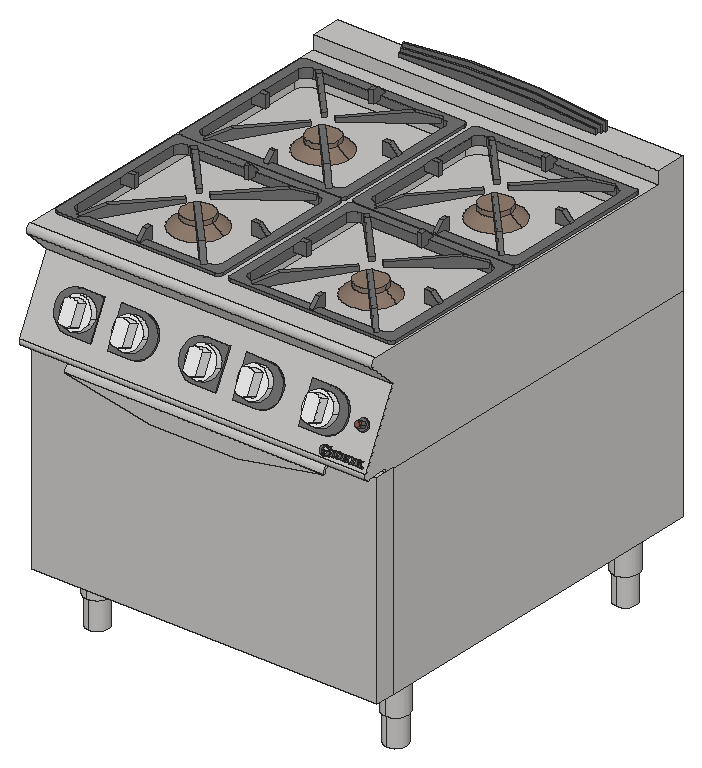
Revit family "QF_GIORIK_CG940F", category Specialty Equipment, Revit 2014
Parameters (values of type "CG940F")
  Weight in Pounds = 374.7854
  URL Cutsheet = "www.giorik.com"
  URL = "www.giorik.com"
  Status [instance] = ""
  Specification by User [instance] = ""
  Specification by Manufacturer = ""
  Show Logo [instance] = yes
  Show Clearance [instance] = yes
  Serial Number = ""
  Seismic Rating = ""
  SMACNA No = ""
  Revision Code [instance] = ""
  NAFEM Spec ID Number = ""
  Model = "CG940F"
  Mechanical Remarks [instance] = "Natural Gas"
  Mechanical Connection Type [instance] = ""
  Masterspec = ""
  Manufacturer = "GIORIK"
  Item Number [instance] = ""
  Installed By [instance] = ""
  Identify Quantity as Lot [instance] = no
  Gas Size = 1"
  Gas RI Height [instance] = 0 mm
  Gas KW = 40
  Gas Input = 40000 W
  Gas Connection Height [instance] = 150 mm
  Furnished By [instance] = ""
  Foodservice Equipment Identifier [instance] = yes
  Description = "4 BURNER GAS RANGE ON GAS OVEN"
  CSI MasterFormat = ""
  Assembly Code = "E1090320"
Reference planes
  plane 1 "Back": y = 0
  plane 2: z = 0
  plane 3 "Left": x = 0
  plane 4 "Right": x = 800
  plane 5 "Front": y = -920
  plane 6 "Top": z = 899.988
Forms (mm)
  Extrusion 1, solid
    sketch origin (-16, 358.115, 0) x (1, 0, 0) y (0, 1, 0)
      loop
        line (25, -1086.81) -> (25, -1156.81) -> (115, -1156.81) -> (115, -1086.81) -> (25, -1086.81)
    from 148 to 150
  Revolve 2, solid
    sketch origin (54, 358.115, 0) x (0, 1, 0) y (0, 0, 1)
      loop
        line (-1092.56, 66) -> (-1092.56, 148) -> (-1121.81, 148) -> (-1121.81, 0) -> (-1096.81, 0) -> (-1096.81, 66) -> (-1092.56, 66)
      axis (-1121.81, 0) -> (-1121.81, 148)
    angle from 0 to 360
  Extrusion 3, solid
    sketch origin (-16, 1023.115, 0) x (1, 0, 0) y (0, 1, 0)
      loop
        line (25, -1086.81) -> (25, -1156.81) -> (115, -1156.81) -> (115, -1086.81) -> (25, -1086.81)
    from 148 to 150
  Revolve 4, solid
    sketch origin (54, 1023.115, 0) x (0, 1, 0) y (0, 0, 1)
      loop
        line (-1092.56, 66) -> (-1092.56, 148) -> (-1121.81, 148) -> (-1121.81, 0) -> (-1096.81, 0) -> (-1096.81, 66) -> (-1092.56, 66)
      axis (-1121.81, 0) -> (-1121.81, 148)
    angle from 0 to 360
  Extrusion 5, void
    sketch origin (0, -2.695, 899.988) x (0, 1, 0) y (-1, 0, 0)
      loop
        arc (-120, -50.16) -> (-128.787, -28.947) -> (-150, -20.16) r 30
        line (-150, -20.16) -> (-790.004, -20.16)
        arc (-790.004, -20.16) -> (-811.217, -28.947) -> (-820.004, -50.16) r 30
        line (-820.004, -50.16) -> (-820.004, -352.046)
        arc (-820.004, -352.046) -> (-811.217, -373.259) -> (-790.004, -382.046) r 30
        line (-790.004, -382.046) -> (-150, -382.046)
        arc (-150, -382.046) -> (-128.787, -373.259) -> (-120, -352.046) r 30
        line (-120, -352.046) -> (-120, -50.16)
    from -30 to -70
  Extrusion 6, solid
    sketch origin (0, -2.695, 0) x (1, 0, 0) y (0, 1, 0)
      loop
        line (40, -40) -> (40, -837.167) -> (760, -837.167) -> (760, -40) -> (40, -40)
    from 150 to 190
  Extrusion 7, solid
    sketch origin (-4, -2.717, 130) x (1, 0, 0) y (0, 1, 0)
      loop
        circle (54, -385) r 12.5
    from 0 to 20
  Extrusion 8, solid
    sketch origin (0, -377.247, -30) x (1, 0, 0) y (0, 1, 0)
      loop
        circle (200.046, -276.449) r 35
    from 889.988 to 879.988
  Blend 9, solid
    base sketch origin (0, -377.247, 899.988) x (0, 1, 0) y (-1, 0, 0)
      loop
        circle (-276.449, -200.046) r 60
    top sketch origin (0, -377.247, 899.988) x (0, 1, 0) y (-1, 0, 0)
      loop
        circle (-276.449, -200.046) r 35
    from -70 to -50
  Extrusion 10, solid
    sketch origin (159.325, -432.708, -71.012) x (0, -1, 0) y (0, 0, -1)
      loop
        line (43.989, -935.989) -> (73, -965) -> (79.749, -965) -> (79.749, -935.989) -> (43.989, -935.989)
    from 35.72 to 45.72
  Extrusion 11, solid
    sketch origin (-15.829, -703.415, -71.012) x (1, 0, 0) y (0, 0, -1)
      loop
        line (35.989, -935.989) -> (65, -965) -> (79.749, -965) -> (79.749, -935.989) -> (35.989, -935.989)
    from 35.72 to 45.72
  Extrusion 12, solid
    sketch origin (415.921, -703.415, -71.012) x (-1, 0, 0) y (0, 0, 1)
      loop
        line (35.989, 935.989) -> (79.749, 935.989) -> (79.749, 965) -> (65, 965) -> (35.989, 935.989)
    from 35.72 to 45.72
  Extrusion 13, solid
    sketch origin (0.046, -427.695, 22.988) x (1, 0, 0) y (0, 1, 0)
      loop
        line (8, -55.002) -> (8, -395.004)
        arc (8, -395.004) -> (10.929, -402.075) -> (18, -405.004) r 10
        line (18, -405.004) -> (382, -405.004)
        arc (382, -405.004) -> (389.071, -402.075) -> (392, -395.004) r 10
        line (392, -395.004) -> (392, -55.002)
        arc (392, -55.002) -> (389.071, -47.931) -> (382, -45.002) r 10
        line (382, -45.002) -> (18, -45.002)
        arc (18, -45.002) -> (10.929, -47.931) -> (8, -55.002) r 10
      loop
        arc (49.954, -67.002) -> (35.812, -72.86) -> (29.954, -87.002) r 20
        line (29.954, -87.002) -> (29.954, -365.004)
        arc (29.954, -365.004) -> (35.812, -379.146) -> (49.954, -385.004) r 20
        line (49.954, -385.004) -> (349.954, -385.004)
        arc (349.954, -385.004) -> (364.097, -379.146) -> (369.954, -365.004) r 20
        line (369.954, -365.004) -> (369.954, -87.002)
        arc (369.954, -87.002) -> (364.097, -72.86) -> (349.954, -67.002) r 20
        line (349.954, -67.002) -> (49.954, -67.002)
    from 831.989 to 851.989
  Extrusion 14, solid
    sketch origin (347.736, -432.53, -2.821) x (-0.670885, -0.741561, 0) y (0, 0, -1)
      loop
        line (239.679, -896.808) -> (239.679, -888.14) -> (57.778, -867.797) -> (36.748, -867.797) -> (36.748, -875.452) -> (95.425, -896.808) -> (239.679, -896.808)
    from 30.148 to 40.148
  Extrusion 15, solid
    sketch origin (52.421, -432.594, -2.821) x (0.670878, -0.741568, 0) y (0, 0, 1)
      loop
        line (239.588, 896.808) -> (95.425, 896.808) -> (36.748, 875.452) -> (36.748, 867.797) -> (57.778, 867.797) -> (239.588, 888.13) -> (239.588, 896.808)
    from 30.148 to 40.148
  Extrusion 16, solid
    sketch origin (347.735, -874.862, -2.821) x (-0.670878, 0.741568, 0) y (0, 0, 1)
      loop
        line (239.679, 896.808) -> (95.425, 896.808) -> (36.748, 875.452) -> (36.748, 867.797) -> (57.778, 867.797) -> (239.679, 888.14) -> (239.679, 896.808)
    from 30.148 to 40.148
  Extrusion 17, solid
    sketch origin (52.356, -874.862, -2.821) x (0.670885, 0.741561, 0) y (0, 0, -1)
      loop
        line (239.679, -896.808) -> (239.679, -888.14) -> (57.778, -867.797) -> (36.748, -867.797) -> (36.748, -875.452) -> (95.425, -896.808) -> (239.679, -896.808)
    from 30.148 to 40.148
  Extrusion 18, solid
    sketch origin (240.72, -872.688, -71.012) x (0, 1, 0) y (0, 0, -1)
      loop
        line (35.989, -935.989) -> (65, -965) -> (79.749, -965) -> (79.749, -935.989) -> (35.989, -935.989)
    from 35.72 to 45.72
  Extrusion 19, solid
    sketch origin (159.325, -512.686, -71.012) x (0, 1, 0) y (0, 0, 1)
      loop
        line (44.738, 935.989) -> (79.749, 935.989) -> (79.749, 965) -> (73.749, 965) -> (44.738, 935.989)
    from 35.72 to 45.72
  Extrusion 20, solid
    sketch origin (-15.829, -241.978, -71.012) x (1, 0, 0) y (0, 0, 1)
      loop
        line (35.989, 935.989) -> (79.749, 935.989) -> (79.749, 965) -> (65, 965) -> (35.989, 935.989)
    from 35.72 to 45.72
  Extrusion 21, solid
    sketch origin (415.921, -241.978, -71.012) x (-1, 0, 0) y (0, 0, -1)
      loop
        line (35.989, -935.989) -> (65, -965) -> (79.749, -965) -> (79.749, -935.989) -> (35.989, -935.989)
    from 35.72 to 45.72
  Extrusion 22, solid
    sketch origin (0.046, -517.698, 22.988) x (1, 0, 0) y (0, 1, 0)
      loop
        arc (8, 55.002) -> (10.929, 47.931) -> (18, 45.002) r 10
        line (18, 45.002) -> (382, 45.002)
        arc (382, 45.002) -> (389.071, 47.931) -> (392, 55.002) r 10
        line (392, 55.002) -> (392, 395.004)
        arc (392, 395.004) -> (389.071, 402.075) -> (382, 405.004) r 10
        line (382, 405.004) -> (18, 405.004)
        arc (18, 405.004) -> (10.929, 402.075) -> (8, 395.004) r 10
        line (8, 395.004) -> (8, 55.002)
      loop
        line (49.954, 67.002) -> (349.954, 67.002)
        arc (349.954, 67.002) -> (364.097, 72.86) -> (369.954, 87.002) r 20
        line (369.954, 87.002) -> (369.954, 365.004)
        arc (369.954, 365.004) -> (364.097, 379.146) -> (349.954, 385.004) r 20
        line (349.954, 385.004) -> (49.954, 385.004)
        arc (49.954, 385.004) -> (35.812, 379.146) -> (29.954, 365.004) r 20
        line (29.954, 365.004) -> (29.954, 87.002)
        arc (29.954, 87.002) -> (35.812, 72.86) -> (49.954, 67.002) r 20
    from 831.989 to 851.989
  Extrusion 23, solid
    sketch origin (347.736, -512.863, -2.821) x (-0.670885, 0.741561, 0) y (0, 0, 1)
      loop
        line (239.679, 896.808) -> (95.425, 896.808) -> (36.748, 875.452) -> (36.748, 867.797) -> (57.778, 867.797) -> (239.679, 888.14) -> (239.679, 896.808)
    from 30.148 to 40.148
  Extrusion 24, solid
    sketch origin (52.421, -512.799, -2.821) x (0.670878, 0.741568, 0) y (0, 0, -1)
      loop
        line (239.588, -896.808) -> (239.588, -888.13) -> (57.778, -867.797) -> (36.748, -867.797) -> (36.748, -875.452) -> (95.425, -896.808) -> (239.588, -896.808)
    from 30.148 to 40.148
  Extrusion 25, solid
    sketch origin (347.735, -70.532, -2.821) x (-0.670878, -0.741568, 0) y (0, 0, -1)
      loop
        line (239.679, -896.808) -> (239.679, -888.14) -> (57.778, -867.797) -> (36.748, -867.797) -> (36.748, -875.452) -> (95.425, -896.808) -> (239.679, -896.808)
    from 30.148 to 40.148
  Extrusion 26, solid
    sketch origin (52.356, -70.532, -2.821) x (0.670885, -0.741561, 0) y (0, 0, 1)
      loop
        line (239.679, 896.808) -> (95.425, 896.808) -> (36.748, 875.452) -> (36.748, 867.797) -> (57.778, 867.797) -> (239.679, 888.14) -> (239.679, 896.808)
    from 30.148 to 40.148
  Extrusion 27, solid
    sketch origin (240.72, -72.706, -71.012) x (0, -1, 0) y (0, 0, 1)
      loop
        line (35.989, 935.989) -> (79.749, 935.989) -> (79.749, 965) -> (65, 965) -> (35.989, 935.989)
    from 35.72 to 45.72
  Extrusion 28, solid
    sketch origin (676, 358.115, 0) x (1, 0, 0) y (0, 1, 0)
      loop
        line (25, -1086.81) -> (25, -1156.81) -> (115, -1156.81) -> (115, -1086.81) -> (25, -1086.81)
    from 148 to 150
  Revolve 29, solid
    sketch origin (746, 358.115, 0) x (0, 1, 0) y (0, 0, 1)
      loop
        line (-1092.56, 66) -> (-1092.56, 148) -> (-1121.81, 148) -> (-1121.81, 0) -> (-1096.81, 0) -> (-1096.81, 66) -> (-1092.56, 66)
      axis (-1121.81, 0) -> (-1121.81, 148)
    angle from 0 to 360
  Extrusion 30, solid
    sketch origin (676, 1023.115, 0) x (1, 0, 0) y (0, 1, 0)
      loop
        line (25, -1086.81) -> (25, -1156.81) -> (115, -1156.81) -> (115, -1086.81) -> (25, -1086.81)
    from 148 to 150
  Revolve 31, solid
    sketch origin (746, 1023.115, 0) x (0, 1, 0) y (0, 0, 1)
      loop
        line (-1092.56, 66) -> (-1092.56, 148) -> (-1121.81, 148) -> (-1121.81, 0) -> (-1096.81, 0) -> (-1096.81, 66) -> (-1092.56, 66)
      axis (-1121.81, 0) -> (-1121.81, 148)
    angle from 0 to 360
  Extrusion 32, solid
    sketch origin (400, -377.247, -30) x (1, 0, 0) y (0, 1, 0)
      loop
        circle (200.046, -276.449) r 35
    from 889.988 to 879.988
  Blend 33, solid
    base sketch origin (400, -377.247, 899.988) x (0, 1, 0) y (-1, 0, 0)
      loop
        circle (-276.449, -200.046) r 60
    top sketch origin (400, -377.247, 899.988) x (0, 1, 0) y (-1, 0, 0)
      loop
        circle (-276.449, -200.046) r 35
    from -70 to -50
  Extrusion 34, solid
    sketch origin (559.325, -432.708, -71.012) x (0, -1, 0) y (0, 0, -1)
      loop
        line (35.989, -935.989) -> (65, -965) -> (79.749, -965) -> (79.749, -935.989) -> (35.989, -935.989)
    from 35.72 to 45.72
  Extrusion 35, solid
    sketch origin (384.171, -703.415, -71.012) x (1, 0, 0) y (0, 0, -1)
      loop
        line (35.989, -935.989) -> (65, -965) -> (79.749, -965) -> (79.749, -935.989) -> (35.989, -935.989)
    from 35.72 to 45.72
  Extrusion 36, solid
    sketch origin (815.921, -703.415, -71.012) x (-1, 0, 0) y (0, 0, 1)
      loop
        line (35.989, 935.989) -> (79.749, 935.989) -> (79.749, 965) -> (65, 965) -> (35.989, 935.989)
    from 35.72 to 45.72
  Extrusion 37, solid
    sketch origin (400.046, -427.695, 22.988) x (1, 0, 0) y (0, 1, 0)
      loop
        line (8, -55.002) -> (8, -395.004)
        arc (8, -395.004) -> (10.929, -402.075) -> (18, -405.004) r 10
        line (18, -405.004) -> (382, -405.004)
        arc (382, -405.004) -> (389.071, -402.075) -> (392, -395.004) r 10
        line (392, -395.004) -> (392, -55.002)
        arc (392, -55.002) -> (389.071, -47.931) -> (382, -45.002) r 10
        line (382, -45.002) -> (18, -45.002)
        arc (18, -45.002) -> (10.929, -47.931) -> (8, -55.002) r 10
      loop
        arc (49.954, -67.002) -> (35.812, -72.86) -> (29.954, -87.002) r 20
        line (29.954, -87.002) -> (29.954, -365.004)
        arc (29.954, -365.004) -> (35.812, -379.146) -> (49.954, -385.004) r 20
        line (49.954, -385.004) -> (349.954, -385.004)
        arc (349.954, -385.004) -> (364.097, -379.146) -> (369.954, -365.004) r 20
        line (369.954, -365.004) -> (369.954, -87.002)
        arc (369.954, -87.002) -> (364.097, -72.86) -> (349.954, -67.002) r 20
        line (349.954, -67.002) -> (49.954, -67.002)
    from 831.989 to 851.989
  Extrusion 38, solid
    sketch origin (747.736, -432.53, -2.821) x (-0.670885, -0.741561, 0) y (0, 0, -1)
      loop
        line (239.679, -896.808) -> (239.679, -888.14) -> (57.778, -867.797) -> (36.748, -867.797) -> (36.748, -875.452) -> (95.425, -896.808) -> (239.679, -896.808)
    from 30.148 to 40.148
  Extrusion 39, solid
    sketch origin (452.421, -432.594, -2.821) x (0.670878, -0.741568, 0) y (0, 0, 1)
      loop
        line (239.588, 896.808) -> (95.425, 896.808) -> (36.748, 875.452) -> (36.748, 867.797) -> (57.778, 867.797) -> (239.588, 888.13) -> (239.588, 896.808)
    from 30.148 to 40.148
  Extrusion 40, solid
    sketch origin (747.735, -874.862, -2.821) x (-0.670878, 0.741568, 0) y (0, 0, 1)
      loop
        line (239.679, 896.808) -> (95.425, 896.808) -> (36.748, 875.452) -> (36.748, 867.797) -> (57.778, 867.797) -> (239.679, 888.14) -> (239.679, 896.808)
    from 30.148 to 40.148
  Extrusion 41, solid
    sketch origin (452.356, -874.862, -2.821) x (0.670885, 0.741561, 0) y (0, 0, -1)
      loop
        line (239.679, -896.808) -> (239.679, -888.14) -> (57.778, -867.797) -> (36.748, -867.797) -> (36.748, -875.452) -> (95.425, -896.808) -> (239.679, -896.808)
    from 30.148 to 40.148
  Extrusion 42, solid
    sketch origin (640.72, -872.688, -71.012) x (0, 1, 0) y (0, 0, -1)
      loop
        line (35.989, -935.989) -> (65, -965) -> (79.749, -965) -> (79.749, -935.989) -> (35.989, -935.989)
    from 35.72 to 45.72
  Extrusion 43, solid
    sketch origin (559.325, -512.686, -71.012) x (0, 1, 0) y (0, 0, 1)
      loop
        line (35.989, 935.989) -> (79.749, 935.989) -> (79.749, 965) -> (65, 965) -> (35.989, 935.989)
    from 35.72 to 45.72
  Blend 44, solid
    base sketch origin (400, -568.146, 899.988) x (0, -1, 0) y (1, 0, 0)
      loop
        circle (-276.449, 200.046) r 60
    top sketch origin (400, -568.146, 899.988) x (0, -1, 0) y (1, 0, 0)
      loop
        circle (-276.449, 200.046) r 35
    from -70 to -50
  Extrusion 45, solid
    sketch origin (384.171, -241.978, -71.012) x (1, 0, 0) y (0, 0, 1)
      loop
        line (35.989, 935.989) -> (79.749, 935.989) -> (79.749, 965) -> (65, 965) -> (35.989, 935.989)
    from 35.72 to 45.72
  Extrusion 46, solid
    sketch origin (815.921, -241.978, -71.012) x (-1, 0, 0) y (0, 0, -1)
      loop
        line (35.989, -935.989) -> (65, -965) -> (79.749, -965) -> (79.749, -935.989) -> (35.989, -935.989)
    from 35.72 to 45.72
  Extrusion 47, solid
    sketch origin (400.046, -517.698, 22.988) x (1, 0, 0) y (0, 1, 0)
      loop
        arc (8, 55.002) -> (10.929, 47.931) -> (18, 45.002) r 10
        line (18, 45.002) -> (382, 45.002)
        arc (382, 45.002) -> (389.071, 47.931) -> (392, 55.002) r 10
        line (392, 55.002) -> (392, 395.004)
        arc (392, 395.004) -> (389.071, 402.075) -> (382, 405.004) r 10
        line (382, 405.004) -> (18, 405.004)
        arc (18, 405.004) -> (10.929, 402.075) -> (8, 395.004) r 10
        line (8, 395.004) -> (8, 55.002)
      loop
        line (49.954, 67.002) -> (349.954, 67.002)
        arc (349.954, 67.002) -> (364.097, 72.86) -> (369.954, 87.002) r 20
        line (369.954, 87.002) -> (369.954, 365.004)
        arc (369.954, 365.004) -> (364.097, 379.146) -> (349.954, 385.004) r 20
        line (349.954, 385.004) -> (49.954, 385.004)
        arc (49.954, 385.004) -> (35.812, 379.146) -> (29.954, 365.004) r 20
        line (29.954, 365.004) -> (29.954, 87.002)
        arc (29.954, 87.002) -> (35.812, 72.86) -> (49.954, 67.002) r 20
    from 831.989 to 851.989
  Extrusion 48, solid
    sketch origin (747.736, -512.863, -2.821) x (-0.670885, 0.741561, 0) y (0, 0, 1)
      loop
        line (239.679, 896.808) -> (95.425, 896.808) -> (36.748, 875.452) -> (36.748, 867.797) -> (57.778, 867.797) -> (239.679, 888.14) -> (239.679, 896.808)
    from 30.148 to 40.148
  Extrusion 49, solid
    sketch origin (452.421, -512.799, -2.821) x (0.670878, 0.741568, 0) y (0, 0, -1)
      loop
        line (239.588, -896.808) -> (239.588, -888.13) -> (57.778, -867.797) -> (36.748, -867.797) -> (36.748, -875.452) -> (95.425, -896.808) -> (239.588, -896.808)
    from 30.148 to 40.148
  Extrusion 50, solid
    sketch origin (747.735, -70.532, -2.821) x (-0.670878, -0.741568, 0) y (0, 0, -1)
      loop
        line (239.679, -896.808) -> (239.679, -888.14) -> (57.778, -867.797) -> (36.748, -867.797) -> (36.748, -875.452) -> (95.425, -896.808) -> (239.679, -896.808)
    from 30.148 to 40.148
  Extrusion 51, solid
    sketch origin (452.356, -70.532, -2.821) x (0.670885, -0.741561, 0) y (0, 0, 1)
      loop
        line (239.679, 896.808) -> (95.425, 896.808) -> (36.748, 875.452) -> (36.748, 867.797) -> (57.778, 867.797) -> (239.679, 888.14) -> (239.679, 896.808)
    from 30.148 to 40.148
  Extrusion 52, solid
    sketch origin (640.72, -72.706, -71.012) x (0, -1, 0) y (0, 0, 1)
      loop
        line (35.989, 935.989) -> (79.749, 935.989) -> (79.749, 965) -> (65, 965) -> (35.989, 935.989)
    from 35.72 to 45.72
  Blend 53, solid
    base sketch origin (0, -15.249, 899.988) x (0, 1, 0) y (-1, 0, 0)
      loop
        circle (-276.449, -200.046) r 60
    top sketch origin (0, -15.249, 899.988) x (0, 1, 0) y (-1, 0, 0)
      loop
        circle (-276.449, -200.046) r 35
    from -70 to -50
  Extrusion 54, solid
    sketch origin (0, -15.249, -30) x (1, 0, 0) y (0, 1, 0)
      loop
        circle (200.046, -276.449) r 35
    from 889.988 to 879.988
  Extrusion 55, solid
    sketch origin (400, -15.249, -30) x (1, 0, 0) y (0, 1, 0)
      loop
        circle (200.046, -276.449) r 35
    from 889.988 to 879.988
  Extrusion 56, solid
    sketch origin (0, -2.695, 599.536) x (1, 0, 0) y (0, 1, 0)
      loop
        line (0, -837.167) -> (40, -837.167) -> (40, -40) -> (760, -40) -> (760, -837.167) -> (800, -837.167) -> (800, 2.695) -> (0, 2.695) -> (0, -837.167)
    from -449.536 to 20.464
  Extrusion 57, solid
    sketch origin (0, 802.838, -20) x (0, 1, 0) y (0, 0, 1)
      loop
        line (-802.838, 919.988) -> (-872.836, 919.988) -> (-872.836, 889.988) -> (-1691.506, 889.988)
        arc (-1691.506, 889.988) -> (-1701.851, 883.075) -> (-1699.424, 870.873) r 11.197
        line (-1699.424, 870.873) -> (-1643.576, 815.025) -> (-1721.648, 661.258)
        arc (-1721.648, 661.258) -> (-1720.933, 650.105) -> (-1710.818, 645.354) r 10.981
        line (-1710.818, 645.354) -> (-1662.7, 649.925) -> (-1662.7, 640) -> (-802.838, 640) -> (-802.838, 919.988)
    from 0 to 800
  Extrusion 58, void
    sketch origin (400, -2.695, 904.977) x (0, 1, 0) y (-1, 0, 0)
      loop
        arc (-120, -48.046) -> (-128.787, -26.832) -> (-150, -18.046) r 30
        line (-150, -18.046) -> (-790.004, -18.046)
        arc (-790.004, -18.046) -> (-811.217, -26.832) -> (-820.004, -48.046) r 30
        line (-820.004, -48.046) -> (-820.004, -352.046)
        arc (-820.004, -352.046) -> (-811.217, -373.259) -> (-790.004, -382.046) r 30
        line (-790.004, -382.046) -> (-150, -382.046)
        arc (-150, -382.046) -> (-128.787, -373.259) -> (-120, -352.046) r 30
        line (-120, -352.046) -> (-120, -48.046)
    from -30 to -74.989
  Extrusion 59, solid
    sketch origin (36.194, -2.56, -10.001) x (1, 0, 0) y (0, 0, 1)
      loop
        line (135, 909.989) -> (592.969, 909.989) -> (592.969, 919.989) -> (440.969, 929.989) -> (287, 929.989) -> (135, 919.989) -> (135, 909.989)
    from 32 to 35
  Extrusion 60, solid
    sketch origin (38.163, 7.44, -10.001) x (1, 0, 0) y (0, 0, 1)
      loop
        line (594, 909.989) -> (594, 924.989) -> (440, 937.489) -> (284, 937.489) -> (130, 925.001) -> (130, 909.989) -> (594, 909.989)
    from 32 to 35
  Extrusion 61, solid
    sketch origin (40.163, 17.44, -10.001) x (1, 0, 0) y (0, 0, 1)
      loop
        line (595, 909.989) -> (595, 930.001) -> (439, 945.258) -> (281, 945.258) -> (125, 929.989) -> (125, 909.989) -> (595, 909.989)
    from 32 to 35
  Extrusion 62, solid
    sketch origin (0, -924.862, 0) x (1, 0, 0) y (0, 0, 1)
      loop
        line (0, 620) -> (0, 150) -> (800, 150) -> (800, 620) -> (0, 620)
    from -85 to -40
  Extrusion 63, solid
    sketch origin (2.5, -924.862, -20.1) x (0, 1, 0) y (0, 0, 1)
      loop
        arc (25, 640.1) -> (14.393, 635.707) -> (10, 625.1) r 15
        line (10, 625.1) -> (12, 625.1)
        arc (12, 625.1) -> (15.808, 634.292) -> (25, 638.1) r 13
        line (25, 638.1) -> (40, 638.1) -> (40, 640.1) -> (25, 640.1)
    from 97.5 to 697.5
  Extrusion 64, solid
    sketch origin (2.5, -924.767, -20.1) x (1, 0, 0) y (0, 0, 1)
      loop
        arc (97.5, 625.1) -> (397.5, 582.413) -> (697.5, 625.1) r 1075.531
        line (697.5, 625.1) -> (97.5, 625.1)
    from -11.905 to -9.905
  Extrusion 65, solid, visible <- "Show Clearance", detail levels coarse
    sketch origin (0, -199.862, 0) x (0, 1, 0) y (0, 0, 1)
      loop
        line (-685, 150) -> (-685, 620)
        arc (-685, 620) -> (-1017.34, 482.34) -> (-1155, 150) r 470
        line (-1155, 150) -> (-685, 150)
    from 0 to 800
  Extrusion 66, solid
    sketch origin (-313.221, -1164.399, 51.983) x (1, 0, 0) y (0, 0.452718, 0.891654)
      loop
        line (463.221, 676.25) -> (463.221, 766.25) -> (409.698, 766.25)
        arc (409.698, 766.25) -> (364.698, 721.25) -> (409.698, 676.25) r 45
        line (409.698, 676.25) -> (463.221, 676.25)
    from 48 to 50
  Extrusion 67, solid
    sketch origin (653.221, -1164.399, 51.983) x (-1, 0, 0) y (0, -0.452718, -0.891654)
      loop
        line (463.221, -676.25) -> (409.698, -676.25)
        arc (409.698, -676.25) -> (364.698, -721.25) -> (409.698, -766.25) r 45
        line (409.698, -766.25) -> (463.221, -766.25) -> (463.221, -676.25)
    from 48 to 50
  Extrusion 68, solid
    sketch origin (-121.331, -1209.751, 74.579) x (1, 0, 0) y (0, 0.45351, 0.891251)
      loop
        circle (351.331, 721.346) r 35
    from 0 to 15
  Extrusion 69, solid
    sketch origin (-121.331, -1209.751, 74.579) x (1, 0, 0) y (0, 0.45351, 0.891251)
      loop
        line (336.331, 743.846) -> (336.331, 698.846)
        arc (336.331, 698.846) -> (351.331, 693.846) -> (366.331, 698.846) r 25
        line (366.331, 698.846) -> (366.331, 743.846)
        arc (366.331, 743.846) -> (351.331, 748.846) -> (336.331, 743.846) r 25
    from 15 to 40
  Extrusion 70, solid, visible <- "Show Logo"
    sketch origin (596.604, -937.204, 608.344) x (-1, 0, 0) y (0, 0.452718, 0.891654)
      loop
        line (-118.824, 58.358) -> (-127.804, 58.358) -> (-125.523, 56.445) -> (-125.523, 48.027) -> (-127.804, 46.113) -> (-118.824, 46.113) -> (-121.105, 48.027) -> (-121.105, 56.445) -> (-118.824, 58.358)
      loop
        line (-163.721, 58.358) -> (-172.7, 58.358) -> (-170.42, 56.445) -> (-170.42, 48.027) -> (-172.7, 46.113) -> (-163.721, 46.113) -> (-166.001, 48.027) -> (-166.001, 56.445) -> (-163.721, 58.358)
      loop
        line (-174.332, 58.358) -> (-183.312, 58.358) -> (-181.031, 56.445) -> (-181.031, 52.435) -> (-186.419, 56.955) -> (-184.416, 58.358) -> (-191.268, 58.358) -> (-188.01, 56.839) -> (-185.455, 54.283) -> (-190.846, 47.858) -> (-193.396, 46.93) -> (-193.396, 46.113) -> (-184.416, 46.113) -> (-185.437, 47.571) -> (-182.443, 51.552) -> (-181.031, 50.894) -> (-181.031, 48.027) -> (-183.312, 46.113) -> (-174.332, 46.113) -> (-176.613, 48.027) -> (-176.613, 56.445) -> (-174.332, 58.358)
      loop
        line (-115.429, 62.063) -> (-115.429, 54.198)
        arc (-115.429, 54.198) -> (-111.618, 57.803) -> (-106.847, 59.986) r 16.039
        arc (-106.847, 59.986) -> (-103.314, 59.837) -> (-100.512, 57.68) r 5.851
        arc (-100.512, 57.68) -> (-98.815, 52.267) -> (-100.512, 46.853) r 9.479
        arc (-100.512, 46.853) -> (-102.406, 44.986) -> (-104.846, 43.93) r 7.236
        arc (-104.846, 43.93) -> (-107.728, 44.111) -> (-110.052, 45.825) r 5.11
        line (-110.052, 45.825) -> (-110.052, 52.001) -> (-116.141, 52.001) -> (-116.141, 45.503) -> (-117.893, 43.751) -> (-114.094, 44.769)
        arc (-114.094, 44.769) -> (-112.56, 44.947) -> (-111.129, 44.366) r 3.115
        arc (-111.129, 44.366) -> (-104.216, 42.091) -> (-97.303, 44.366) r 11.641
        arc (-97.303, 44.366) -> (-93.396, 52.107) -> (-97.303, 59.849) r 9.622
        arc (-97.303, 59.849) -> (-104.369, 62.174) -> (-111.435, 59.849) r 11.898
        line (-111.435, 59.849) -> (-115.429, 62.063)
      loop
        arc (-129.234, 56.068) -> (-135.893, 58.628) -> (-142.552, 56.068) r 9.941
        arc (-142.552, 56.068) -> (-144.234, 52.286) -> (-142.552, 48.505) r 5.093
        arc (-142.552, 48.505) -> (-135.893, 45.945) -> (-129.234, 48.505) r 9.941
        arc (-129.234, 48.505) -> (-127.552, 52.286) -> (-129.234, 56.068) r 5.093
      loop
        arc (-132.628, 54.403) -> (-135.893, 57.668) -> (-139.158, 54.403) r 3.265
        line (-139.158, 54.403) -> (-139.158, 50.169)
        arc (-139.158, 50.169) -> (-135.893, 46.904) -> (-132.628, 50.169) r 3.265
        line (-132.628, 50.169) -> (-132.628, 54.403)
      loop
        arc (-156.363, 58.365) -> (-159.647, 55.081) -> (-156.363, 51.796) r 3.285
        line (-156.363, 51.796) -> (-159.529, 47.306) -> (-162.087, 46.113) -> (-155.847, 46.113) -> (-153.529, 51.083) -> (-150.637, 51.083) -> (-150.637, 47.784) -> (-153.022, 46.113) -> (-144.011, 46.113) -> (-146.094, 47.68) -> (-146.094, 56.493) -> (-144.229, 58.365) -> (-156.363, 58.365)
      loop
        line (-150.637, 57.512) -> (-153.637, 57.512)
        arc (-153.637, 57.512) -> (-156.237, 54.912) -> (-153.637, 52.312) r 2.6
        line (-153.637, 52.312) -> (-150.637, 52.312) -> (-150.637, 57.512)
      loop
        line (-108.924, 52.001) -> (-104.936, 49.005) -> (-100.948, 52.001) -> (-108.924, 52.001)
    from 1.5 to -0.5
  Extrusion 71, solid
    sketch origin (461.331, -1209.751, 74.579) x (-1, 0, 0) y (0, -0.45351, -0.891251)
      loop
        circle (351.331, -721.346) r 35
    from 0 to 15
  Extrusion 72, solid
    sketch origin (461.331, -1209.751, 74.579) x (-1, 0, 0) y (0, -0.45351, -0.891251)
      loop
        arc (336.331, -743.846) -> (351.331, -748.846) -> (366.331, -743.846) r 25
        line (366.331, -743.846) -> (366.331, -698.846)
        arc (366.331, -698.846) -> (351.331, -693.846) -> (336.331, -698.846) r 25
        line (336.331, -698.846) -> (336.331, -743.846)
    from 15 to 40
  Extrusion 73, solid
    sketch origin (943.221, -1164.399, 51.983) x (-1, 0, 0) y (0, -0.452718, -0.891654)
      loop
        line (463.221, -676.25) -> (409.698, -676.25)
        arc (409.698, -676.25) -> (364.698, -721.25) -> (409.698, -766.25) r 45
        line (409.698, -766.25) -> (463.221, -766.25) -> (463.221, -676.25)
    from 48 to 50
  Extrusion 74, solid
    sketch origin (-23.221, -1164.399, 51.983) x (1, 0, 0) y (0, 0.452718, 0.891654)
      loop
        line (463.221, 676.25) -> (463.221, 766.25) -> (409.698, 766.25)
        arc (409.698, 766.25) -> (364.698, 721.25) -> (409.698, 676.25) r 45
        line (409.698, 676.25) -> (463.221, 676.25)
    from 48 to 50
  Extrusion 75, solid
    sketch origin (751.331, -1209.751, 74.579) x (-1, 0, 0) y (0, -0.45351, -0.891251)
      loop
        circle (351.331, -721.346) r 35
    from 0 to 15
  Extrusion 76, solid
    sketch origin (751.331, -1209.751, 74.579) x (-1, 0, 0) y (0, -0.45351, -0.891251)
      loop
        arc (336.331, -743.846) -> (351.331, -748.846) -> (366.331, -743.846) r 25
        line (366.331, -743.846) -> (366.331, -698.846)
        arc (366.331, -698.846) -> (351.331, -693.846) -> (336.331, -698.846) r 25
        line (336.331, -698.846) -> (336.331, -743.846)
    from 15 to 40
  Extrusion 77, solid
    sketch origin (168.669, -1209.751, 74.579) x (1, 0, 0) y (0, 0.45351, 0.891251)
      loop
        circle (351.331, 721.346) r 35
    from 0 to 15
  Extrusion 78, solid
    sketch origin (168.669, -1209.751, 74.579) x (1, 0, 0) y (0, 0.45351, 0.891251)
      loop
        line (336.331, 743.846) -> (336.331, 698.846)
        arc (336.331, 698.846) -> (351.331, 693.846) -> (366.331, 698.846) r 25
        line (366.331, 698.846) -> (366.331, 743.846)
        arc (366.331, 743.846) -> (351.331, 748.846) -> (336.331, 743.846) r 25
    from 15 to 40
  Extrusion 79, solid
    sketch origin (1095.078, -1164.399, 51.53) x (-1, 0, 0) y (0, -0.452718, -0.891654)
      loop
        line (463.221, -676.25) -> (409.698, -676.25)
        arc (409.698, -676.25) -> (364.698, -721.25) -> (409.698, -766.25) r 45
        line (409.698, -766.25) -> (463.221, -766.25) -> (463.221, -676.25)
    from 48 to 50
  Extrusion 80, solid
    sketch origin (320.526, -1209.751, 74.126) x (1, 0, 0) y (0, 0.45351, 0.891251)
      loop
        circle (351.331, 721.346) r 35
    from 0 to 15
  Extrusion 81, solid
    sketch origin (320.526, -1209.751, 74.126) x (1, 0, 0) y (0, 0.45351, 0.891251)
      loop
        line (336.331, 743.846) -> (336.331, 698.846)
        arc (336.331, 698.846) -> (351.331, 693.846) -> (366.331, 698.846) r 25
        line (366.331, 698.846) -> (366.331, 743.846)
        arc (366.331, 743.846) -> (351.331, 748.846) -> (336.331, 743.846) r 25
    from 15 to 40
  Extrusion 82, solid
    sketch origin (726.798, -1181.573, 70.024) x (1, 0, 0) y (0, 0.452718, 0.891654)
      loop
        circle (38.702, 711.666) r 12.5
    from 25 to 27
  Extrusion 83, solid
    sketch origin (0.59, -1208.555, 76.521) x (1, 0, 0) y (0, 0.452718, 0.891654)
      loop
        circle (764.91, 718.089) r 6
    from 0 to 15
  Extrusion 84, solid
    sketch origin (0.59, -1209.591, 77.047) x (1, 0, 0) y (0, 0.452718, 0.891654)
      loop
        circle (764.91, 718.089) r 6
    from 13.838 to 15.838
Cuts and joins
  Extrusion 58 cuts Extrusion 8
  Extrusion 58 cuts Blend 9
  Extrusion 58 cuts Extrusion 10
  Extrusion 58 cuts Extrusion 11
  Extrusion 58 cuts Extrusion 12
  Extrusion 58 cuts Extrusion 13
  Extrusion 58 cuts Extrusion 14
  Extrusion 58 cuts Extrusion 15
  Extrusion 58 cuts Extrusion 16
  Extrusion 58 cuts Extrusion 17
  Extrusion 58 cuts Extrusion 18
  Extrusion 58 cuts Extrusion 19
  Extrusion 58 cuts Extrusion 20
  Extrusion 58 cuts Extrusion 21
  Extrusion 58 cuts Extrusion 22
  Extrusion 58 cuts Extrusion 23
  Extrusion 58 cuts Extrusion 24
  Extrusion 58 cuts Extrusion 25
  Extrusion 58 cuts Extrusion 26
  Extrusion 58 cuts Extrusion 27
  Extrusion 58 cuts Blend 53
  Extrusion 58 cuts Extrusion 54
  Extrusion 5, Extrusion 58 cuts Extrusion 57
Lines and regions (mm)
  symbolic lines, style "200-EquipBorder-2D"
    curve 1: line (0, -920, 899.988) -> (0, 0, 899.988)
    curve 72: line (800, 0, 899.988) -> (800, -920, 899.988)
    curve 209: line (800, 0, 899.988) -> (0, 0, 899.988)
    curve 210: line (0, -920, 899.988) -> (800, -920, 899.988)
    curve 211: line (125, -928.467, 899.988) -> (125, -920, 899.988)
    curve 212: line (95, -928.467, 899.988) -> (95, -920, 899.988)
    curve 213: line (215, -928.467, 899.988) -> (215, -920, 899.988)
    curve 214: line (245, -928.467, 899.988) -> (245, -920, 899.988)
    curve 215: line (385, -928.467, 899.988) -> (385, -920, 899.988)
    curve 216: line (415, -928.467, 899.988) -> (415, -920, 899.988)
    curve 217: line (505, -928.467, 899.988) -> (505, -920, 899.988)
    curve 218: line (535, -928.467, 899.988) -> (535, -920, 899.988)
    curve 219: line (656.857, -928.467, 899.988) -> (656.857, -920, 899.988)
    curve 220: line (686.857, -928.467, 899.988) -> (686.857, -920, 899.988)
    curve 221: arc (686.857, -928.467, 899.988) -> (671.857, -930.675, 899.988) -> (656.857, -928.467, 899.988) r 52.069
    curve 222: arc (535, -928.467, 899.988) -> (520, -930.816, 899.988) -> (505, -928.467, 899.988) r 49.062
    curve 223: arc (415, -928.467, 899.988) -> (400, -930.97, 899.988) -> (385, -928.467, 899.988) r 46.194
    curve 224: arc (245, -928.467, 899.988) -> (230, -931.02, 899.988) -> (215, -928.467, 899.988) r 45.344
    curve 225: arc (125, -928.467, 899.988) -> (110, -930.646, 899.988) -> (95, -928.467, 899.988) r 52.727
  symbolic lines, style "200-EquipInternal-2D"
    curve 2: line (67.949, -450.697, 899.988) -> (190.798, -314.903, 899.988)
    curve 3: line (183.382, -308.194, 899.988) -> (54.464, -450.697, 899.988)
    curve 4: line (190.798, -314.903, 899.988) -> (183.382, -308.194, 899.988)
    curve 5: line (183.381, -275.203, 899.988) -> (190.796, -268.494, 899.988)
    curve 6: line (54.455, -132.695, 899.988) -> (183.381, -275.203, 899.988)
    curve 7: line (190.796, -268.494, 899.988) -> (67.94, -132.695, 899.988)
    curve 8: line (332.152, -132.695, 899.988) -> (209.296, -268.496, 899.988)
    curve 9: line (209.296, -268.496, 899.988) -> (216.712, -275.204, 899.988)
    curve 10: line (216.712, -275.204, 899.988) -> (345.637, -132.695, 899.988)
    curve 11: line (216.711, -308.192, 899.988) -> (209.295, -314.901, 899.988)
    curve 12: line (209.295, -314.901, 899.988) -> (332.148, -450.697, 899.988)
    curve 13: line (345.633, -450.697, 899.988) -> (216.711, -308.192, 899.988)
    curve 14: line (336.172, -277.698, 899.988) -> (336.172, -287.698, 899.988)
    curve 15: line (336.172, -287.698, 899.988) -> (370, -287.698, 899.988)
    curve 16: line (370, -277.698, 899.988) -> (336.172, -277.698, 899.988)
    curve 17: line (195, -152.454, 899.988) -> (205, -152.454, 899.988)
    curve 18: line (205, -152.454, 899.988) -> (205, -132.695, 899.988)
    curve 19: line (195, -132.695, 899.988) -> (195, -152.454, 899.988)
    curve 20: line (63.919, -277.698, 899.988) -> (30, -277.698, 899.988)
    curve 21: line (30, -287.698, 899.988) -> (63.919, -287.698, 899.988)
    curve 22: line (63.919, -287.698, 899.988) -> (63.919, -277.698, 899.988)
    curve 23: line (392.046, -462.697, 899.988) -> (392.046, -122.695, 899.988)
    curve 24: arc (392.046, -122.695, 899.988) -> (389.117, -115.624, 899.988) -> (382.046, -112.695, 899.988) r 10
    curve 25: line (382.046, -112.695, 899.988) -> (18.046, -112.695, 899.988)
    curve 26: line (50, -132.695, 899.988) -> (350, -132.695, 899.988)
    curve 27: arc (350, -132.695, 899.988) -> (364.142, -138.553, 899.988) -> (370, -152.695, 899.988) r 20
    curve 28: line (370, -152.695, 899.988) -> (370, -430.697, 899.988)
    curve 29: line (8.046, -122.695, 899.988) -> (8.046, -462.697, 899.988)
    curve 30: arc (18.046, -112.695, 899.988) -> (10.975, -115.624, 899.988) -> (8.046, -122.695, 899.988) r 10
    curve 31: line (30, -430.697, 899.988) -> (30, -152.695, 899.988)
    curve 32: arc (30, -152.695, 899.988) -> (35.858, -138.553, 899.988) -> (50, -132.695, 899.988) r 20
    curve 33: arc (8.046, -462.697, 899.988) -> (10.975, -469.768, 899.988) -> (18.046, -472.697, 899.988) r 10
    curve 34: line (18.046, -472.697, 899.988) -> (382.046, -472.697, 899.988)
    curve 35: line (350, -450.697, 899.988) -> (50, -450.697, 899.988)
    curve 36: arc (50, -450.697, 899.988) -> (35.858, -444.839, 899.988) -> (30, -430.697, 899.988) r 20
    curve 37: arc (370, -430.697, 899.988) -> (364.142, -444.839, 899.988) -> (350, -450.697, 899.988) r 20
    curve 38: arc (382.046, -472.697, 899.988) -> (389.117, -469.768, 899.988) -> (392.046, -462.697, 899.988) r 10
    curve 39: arc (392.046, -482.697, 899.988) -> (389.117, -475.626, 899.988) -> (382.046, -472.697, 899.988) r 10
    curve 40: line (392.046, -822.699, 899.988) -> (392.046, -482.697, 899.988)
    curve 41: arc (350, -494.697, 899.988) -> (364.142, -500.555, 899.988) -> (370, -514.697, 899.988) r 20
    curve 42: line (50, -494.697, 899.988) -> (350, -494.697, 899.988)
    curve 43: line (370, -514.697, 899.988) -> (370, -792.699, 899.988)
    curve 44: arc (370, -792.699, 899.988) -> (364.142, -806.841, 899.988) -> (350, -812.699, 899.988) r 20
    curve 45: line (350, -812.699, 899.988) -> (50, -812.699, 899.988)
    curve 46: line (18.046, -832.699, 899.988) -> (382.046, -832.699, 899.988)
    curve 47: arc (382.046, -832.699, 899.988) -> (389.117, -829.77, 899.988) -> (392.046, -822.699, 899.988) r 10
    curve 48: arc (18.046, -472.697, 899.988) -> (10.975, -475.626, 899.988) -> (8.046, -482.697, 899.988) r 10
    curve 49: line (8.046, -482.697, 899.988) -> (8.046, -822.699, 899.988)
    curve 50: arc (30, -514.697, 899.988) -> (35.858, -500.555, 899.988) -> (50, -494.697, 899.988) r 20
    curve 51: line (30, -792.699, 899.988) -> (30, -514.697, 899.988)
    curve 52: arc (50, -812.699, 899.988) -> (35.858, -806.841, 899.988) -> (30, -792.699, 899.988) r 20
    curve 53: arc (8.046, -822.699, 899.988) -> (10.975, -829.77, 899.988) -> (18.046, -832.699, 899.988) r 10
    curve 54: line (195, -792.939, 899.988) -> (195, -812.699, 899.988)
    curve 55: line (205, -812.699, 899.988) -> (205, -792.939, 899.988)
    curve 56: line (205, -792.939, 899.988) -> (195, -792.939, 899.988)
    curve 57: line (183.381, -670.19, 899.988) -> (54.455, -812.699, 899.988)
    curve 58: line (67.94, -812.699, 899.988) -> (190.796, -676.899, 899.988)
    curve 59: line (190.796, -676.899, 899.988) -> (183.381, -670.19, 899.988)
    curve 60: line (30, -667.695, 899.988) -> (63.919, -667.695, 899.988)
    curve 61: line (63.919, -657.695, 899.988) -> (30, -657.695, 899.988)
    curve 62: line (63.919, -667.695, 899.988) -> (63.919, -657.695, 899.988)
    curve 63: line (190.798, -630.491, 899.988) -> (67.949, -494.697, 899.988)
    curve 64: line (54.464, -494.697, 899.988) -> (183.382, -637.199, 899.988)
    curve 65: line (183.382, -637.199, 899.988) -> (190.798, -630.491, 899.988)
    curve 66: line (209.295, -630.492, 899.988) -> (216.711, -637.201, 899.988)
    curve 67: line (216.711, -637.201, 899.988) -> (345.633, -494.697, 899.988)
    curve 68: line (332.148, -494.697, 899.988) -> (209.295, -630.492, 899.988)
    curve 69: line (216.712, -670.189, 899.988) -> (209.296, -676.898, 899.988)
    curve 70: line (209.296, -676.898, 899.988) -> (332.152, -812.699, 899.988)
    curve 71: line (345.637, -812.699, 899.988) -> (216.712, -670.189, 899.988)
    curve 73: line (467.949, -450.697, 899.988) -> (590.798, -314.903, 899.988)
    curve 74: line (583.382, -308.194, 899.988) -> (454.464, -450.697, 899.988)
    curve 75: line (590.798, -314.903, 899.988) -> (583.382, -308.194, 899.988)
    curve 76: line (583.381, -275.203, 899.988) -> (590.796, -268.494, 899.988)
    curve 77: line (454.455, -132.695, 899.988) -> (583.381, -275.203, 899.988)
    curve 78: line (590.796, -268.494, 899.988) -> (467.94, -132.695, 899.988)
    curve 79: line (732.152, -132.695, 899.988) -> (609.296, -268.496, 899.988)
    curve 80: line (609.296, -268.496, 899.988) -> (616.712, -275.204, 899.988)
    curve 81: line (616.712, -275.204, 899.988) -> (745.637, -132.695, 899.988)
    curve 82: line (616.711, -308.192, 899.988) -> (609.295, -314.901, 899.988)
    curve 83: line (609.295, -314.901, 899.988) -> (732.148, -450.697, 899.988)
    curve 84: line (745.633, -450.697, 899.988) -> (616.711, -308.192, 899.988)
    curve 85: line (736.172, -277.698, 899.988) -> (736.172, -287.698, 899.988)
    curve 86: line (736.172, -287.698, 899.988) -> (770, -287.698, 899.988)
    curve 87: line (770, -277.698, 899.988) -> (736.172, -277.698, 899.988)
    curve 88: line (595, -152.454, 899.988) -> (605, -152.454, 899.988)
    curve 89: line (605, -152.454, 899.988) -> (605, -132.695, 899.988)
    curve 90: line (595, -132.695, 899.988) -> (595, -152.454, 899.988)
    curve 91: line (463.919, -277.698, 899.988) -> (430, -277.698, 899.988)
    curve 92: line (430, -287.698, 899.988) -> (463.919, -287.698, 899.988)
    curve 93: line (463.919, -287.698, 899.988) -> (463.919, -277.698, 899.988)
    curve 94: line (792.046, -462.697, 899.988) -> (792.046, -122.695, 899.988)
    curve 95: arc (792.046, -122.695, 899.988) -> (789.117, -115.624, 899.988) -> (782.046, -112.695, 899.988) r 10
    curve 96: line (782.046, -112.695, 899.988) -> (418.046, -112.695, 899.988)
    curve 97: line (450, -132.695, 899.988) -> (750, -132.695, 899.988)
    curve 98: arc (750, -132.695, 899.988) -> (764.142, -138.553, 899.988) -> (770, -152.695, 899.988) r 20
    curve 99: line (770, -152.695, 899.988) -> (770, -430.697, 899.988)
    curve 100: line (408.046, -122.695, 899.988) -> (408.046, -462.697, 899.988)
    curve 101: arc (418.046, -112.695, 899.988) -> (410.975, -115.624, 899.988) -> (408.046, -122.695, 899.988) r 10
    curve 102: line (430, -430.697, 899.988) -> (430, -152.695, 899.988)
    curve 103: arc (430, -152.695, 899.988) -> (435.858, -138.553, 899.988) -> (450, -132.695, 899.988) r 20
    curve 104: arc (408.046, -462.697, 899.988) -> (410.975, -469.768, 899.988) -> (418.046, -472.697, 899.988) r 10
    curve 105: line (418.046, -472.697, 899.988) -> (782.046, -472.697, 899.988)
    curve 106: line (750, -450.697, 899.988) -> (450, -450.697, 899.988)
    curve 107: arc (450, -450.697, 899.988) -> (435.858, -444.839, 899.988) -> (430, -430.697, 899.988) r 20
    curve 108: arc (770, -430.697, 899.988) -> (764.142, -444.839, 899.988) -> (750, -450.697, 899.988) r 20
    curve 109: arc (782.046, -472.697, 899.988) -> (789.117, -469.768, 899.988) -> (792.046, -462.697, 899.988) r 10
    curve 110: arc (792.046, -482.697, 899.988) -> (789.117, -475.626, 899.988) -> (782.046, -472.697, 899.988) r 10
    curve 111: line (792.046, -822.699, 899.988) -> (792.046, -482.697, 899.988)
    curve 112: arc (750, -494.697, 899.988) -> (764.142, -500.555, 899.988) -> (770, -514.697, 899.988) r 20
    curve 113: line (450, -494.697, 899.988) -> (750, -494.697, 899.988)
    curve 114: line (770, -514.697, 899.988) -> (770, -792.699, 899.988)
    curve 115: arc (770, -792.699, 899.988) -> (764.142, -806.841, 899.988) -> (750, -812.699, 899.988) r 20
    curve 116: line (750, -812.699, 899.988) -> (450, -812.699, 899.988)
    curve 117: line (418.046, -832.699, 899.988) -> (782.046, -832.699, 899.988)
    curve 118: arc (782.046, -832.699, 899.988) -> (789.117, -829.77, 899.988) -> (792.046, -822.699, 899.988) r 10
    curve 119: arc (418.046, -472.697, 899.988) -> (410.975, -475.626, 899.988) -> (408.046, -482.697, 899.988) r 10
    curve 120: line (408.046, -482.697, 899.988) -> (408.046, -822.699, 899.988)
    curve 121: arc (430, -514.697, 899.988) -> (435.858, -500.555, 899.988) -> (450, -494.697, 899.988) r 20
    curve 122: line (430, -792.699, 899.988) -> (430, -514.697, 899.988)
    curve 123: arc (450, -812.699, 899.988) -> (435.858, -806.841, 899.988) -> (430, -792.699, 899.988) r 20
    curve 124: arc (408.046, -822.699, 899.988) -> (410.975, -829.77, 899.988) -> (418.046, -832.699, 899.988) r 10
    curve 125: line (595, -792.939, 899.988) -> (595, -812.699, 899.988)
    curve 126: line (605, -812.699, 899.988) -> (605, -792.939, 899.988)
    curve 127: line (605, -792.939, 899.988) -> (595, -792.939, 899.988)
    curve 128: line (583.381, -670.19, 899.988) -> (454.455, -812.699, 899.988)
    curve 129: line (467.94, -812.699, 899.988) -> (590.796, -676.899, 899.988)
    curve 130: line (590.796, -676.899, 899.988) -> (583.381, -670.19, 899.988)
    curve 131: line (430, -667.695, 899.988) -> (463.919, -667.695, 899.988)
    curve 132: line (463.919, -657.695, 899.988) -> (430, -657.695, 899.988)
    curve 133: line (463.919, -667.695, 899.988) -> (463.919, -657.695, 899.988)
    curve 134: line (590.798, -630.491, 899.988) -> (467.949, -494.697, 899.988)
    curve 135: line (454.464, -494.697, 899.988) -> (583.382, -637.199, 899.988)
    curve 136: line (583.382, -637.199, 899.988) -> (590.798, -630.491, 899.988)
    curve 137: line (609.295, -630.492, 899.988) -> (616.711, -637.201, 899.988)
    curve 138: line (616.711, -637.201, 899.988) -> (745.633, -494.697, 899.988)
    curve 139: line (732.148, -494.697, 899.988) -> (609.295, -630.492, 899.988)
    curve 140: line (616.712, -670.189, 899.988) -> (609.296, -676.898, 899.988)
    curve 141: line (609.296, -676.898, 899.988) -> (732.152, -812.699, 899.988)
    curve 142: line (745.637, -812.699, 899.988) -> (616.712, -670.189, 899.988)
    curve 143: line (165.163, -14.56, 900) -> (635.163, -14.56, 900)
    curve 144: line (635.163, -17.56, 900) -> (165.163, -17.56, 900)
    curve 145: line (165.163, -17.56, 900) -> (165.163, -14.56, 900)
    curve 146: line (168.163, -24.56, 900) -> (632.163, -24.56, 900)
    curve 147: line (632.163, -27.56, 900) -> (168.163, -27.56, 900)
    curve 148: line (168.163, -27.56, 900) -> (168.163, -24.56, 900)
    curve 149: line (629.163, -37.56, 900) -> (171.194, -37.56, 900)
    curve 150: line (635.163, -17.56, 900) -> (635.163, -14.56, 900)
    curve 151: line (632.163, -27.56, 900) -> (632.163, -24.56, 900)
    curve 152: line (629.163, -37.56, 900) -> (629.163, -34.56, 900)
    curve 153: line (171.194, -34.56, 900) -> (171.194, -37.56, 900)
    curve 154: line (629.163, -34.56, 900) -> (171.194, -34.56, 900)
    curve 155: line (0, -72.699, 899.988) -> (800, -72.699, 899.988)
    curve 156: line (205.046, -432.937, 899.988) -> (195.046, -432.937, 899.988)
    curve 157: line (205.046, -450.697, 899.988) -> (205.046, -432.937, 899.988)
    curve 158: line (195.046, -432.937, 899.988) -> (195.046, -450.697, 899.988)
    curve 159: line (205.046, -512.456, 899.988) -> (205.046, -494.697, 899.988)
    curve 160: line (195.046, -512.456, 899.988) -> (205.046, -512.456, 899.988)
    curve 161: line (195.046, -494.697, 899.988) -> (195.046, -512.456, 899.988)
    curve 162: line (336.172, -667.695, 899.988) -> (370, -667.695, 899.988)
    curve 163: line (370, -657.695, 899.988) -> (336.172, -657.695, 899.988)
    curve 164: line (336.172, -657.695, 899.988) -> (336.172, -667.695, 899.988)
    curve 165: line (736.172, -657.695, 899.988) -> (736.172, -667.695, 899.988)
    curve 166: line (736.172, -667.695, 899.988) -> (770, -667.695, 899.988)
    curve 167: line (770, -657.695, 899.988) -> (736.172, -657.695, 899.988)
    curve 168: line (605.046, -512.456, 899.988) -> (605.046, -494.697, 899.988)
    curve 169: line (595.046, -494.697, 899.988) -> (595.046, -512.456, 899.988)
    curve 170: line (605.046, -450.697, 899.988) -> (605.046, -432.937, 899.988)
    curve 171: line (595.046, -432.937, 899.988) -> (595.046, -450.697, 899.988)
    curve 172: line (595.046, -512.456, 899.988) -> (605.046, -512.456, 899.988)
    curve 173: line (605.046, -432.937, 899.988) -> (595.046, -432.937, 899.988)
    curve 174: arc (175.297, -266.949, 899.988) -> (165.046, -291.928, 899.988) -> (175.624, -316.769, 899.988) r 35
    curve 175: arc (183.763, -322.679, 899.988) -> (200.047, -326.698, 899.988) -> (216.331, -322.678, 899.988) r 35
    curve 176: arc (183.76, -260.717, 899.988) -> (200.047, -256.698, 899.988) -> (216.333, -260.718, 899.988) r 35
    curve 177: arc (224.794, -266.949, 899.988) -> (235.045, -291.926, 899.988) -> (224.469, -316.768, 899.988) r 35
    curve 178: arc (158.844, -248.081, 899.988) -> (140.046, -291.699, 899.988) -> (158.846, -335.316, 899.988) r 60
    curve 179: arc (166.678, -341.564, 899.988) -> (200.047, -351.698, 899.988) -> (233.415, -341.562, 899.988) r 60
    curve 180: arc (241.248, -335.314, 899.988) -> (260.046, -291.698, 899.988) -> (241.249, -248.082, 899.988) r 60
    curve 181: arc (233.417, -241.834, 899.988) -> (200.046, -231.698, 899.988) -> (166.676, -241.833, 899.988) r 60
    curve 182: arc (183.763, -622.714, 899.988) -> (200.047, -618.696, 899.988) -> (216.331, -622.715, 899.988) r 35
    curve 183: arc (224.469, -628.626, 899.988) -> (235.046, -653.695, 899.988) -> (224.47, -678.764, 899.988) r 35
    curve 184: arc (216.333, -684.675, 899.988) -> (200.047, -688.696, 899.988) -> (183.76, -684.676, 899.988) r 35
    curve 185: arc (175.652, -678.733, 899.988) -> (165.09, -653.694, 899.988) -> (175.654, -628.657, 899.988) r 34.956
    curve 186: arc (166.678, -603.83, 899.988) -> (200.053, -593.683, 899.988) -> (233.432, -603.813, 899.988) r 60.012
    curve 187: arc (241.248, -610.079, 899.988) -> (260.053, -653.695, 899.988) -> (241.249, -697.311, 899.988) r 59.985
    curve 188: arc (233.417, -703.559, 899.988) -> (200.046, -713.696, 899.988) -> (166.676, -703.56, 899.988) r 60
    curve 189: arc (158.844, -697.312, 899.988) -> (140.046, -653.694, 899.988) -> (158.846, -610.077, 899.988) r 60
    curve 190: arc (566.678, -603.83, 899.988) -> (600.047, -593.696, 899.988) -> (633.415, -603.831, 899.988) r 60
    curve 191: arc (641.248, -610.079, 899.988) -> (660.046, -653.695, 899.988) -> (641.249, -697.311, 899.988) r 60
    curve 192: arc (633.417, -703.559, 899.988) -> (600.046, -713.696, 899.988) -> (566.676, -703.56, 899.988) r 60
    curve 193: arc (575.622, -678.766, 899.988) -> (565.046, -653.694, 899.988) -> (575.624, -628.624, 899.988) r 35
    curve 194: arc (558.846, -610.077, 899.988) -> (540.046, -653.694, 899.988) -> (558.844, -697.312, 899.988) r 60
    curve 195: arc (583.76, -684.676, 899.988) -> (600.047, -688.696, 899.988) -> (616.333, -684.675, 899.988) r 35
    curve 196: arc (624.47, -678.764, 899.988) -> (635.046, -653.695, 899.988) -> (624.469, -628.626, 899.988) r 35
    curve 197: arc (583.763, -622.714, 899.988) -> (600.047, -618.696, 899.988) -> (616.331, -622.715, 899.988) r 35
    curve 198: arc (583.76, -260.717, 899.988) -> (600.047, -256.698, 899.988) -> (616.333, -260.718, 899.988) r 35
    curve 199: arc (624.47, -266.629, 899.988) -> (635.046, -291.699, 899.988) -> (624.469, -316.768, 899.988) r 35
    curve 200: arc (616.331, -322.678, 899.988) -> (600.047, -326.698, 899.988) -> (583.763, -322.679, 899.988) r 35
    curve 201: arc (575.624, -316.769, 899.988) -> (565.046, -291.699, 899.988) -> (575.622, -266.628, 899.988) r 35
    curve 202: arc (566.676, -241.833, 899.988) -> (600.046, -231.698, 899.988) -> (633.417, -241.834, 899.988) r 60
    curve 203: arc (641.249, -248.082, 899.988) -> (660.046, -291.698, 899.988) -> (641.248, -335.314, 899.988) r 60
    curve 204: arc (633.415, -341.562, 899.988) -> (600.047, -351.698, 899.988) -> (566.678, -341.564, 899.988) r 60
    curve 205: arc (558.846, -335.316, 899.988) -> (540.046, -291.699, 899.988) -> (558.844, -248.081, 899.988) r 60
  symbolic lines, style "QF_Door-Drawer Clearances", visible <- "Show Clearance", detail levels coarse
    curve 206: line (0, -1354.862, 899.988) -> (800, -1354.862, 899.988)
    curve 207: line (0, -920, 899.988) -> (0, -1354.862, 899.988)
    curve 208: line (800, -1354.862, 899.988) -> (800, -920, 899.988)
Dimensions and locks
  plane 3 "Left" to plane 4 "Right" = 800 mm
  plane 5 "Front" to plane 1 "Back" = 920 mm
  plane 6 "Top" to level = 899.988 mm
  aligned and locked: level to plane 2
Connectors
  piping at (50, -387.717, 130), diameter 25.4, driven by "Gas Size"
    settings: on Extrusion 7, index 1, connector inside diameter 24", connector length 0 mm, flow factor 0, pipe flow 0.0 L/s, pressure drop 0.0 Pa, fitting loss kfactor 0, connector angle 0.00°, fixture units 0, engagement length 0 mm, angle of deflection 0.00°, flow configuration 1, flow direction 1, fitting loss method 0, system type 22, joint type 0, gender type 0, connector reference index -1, connector utility 0, adjustable connector no, is connector primary yes, connector description "Gas inlet"
